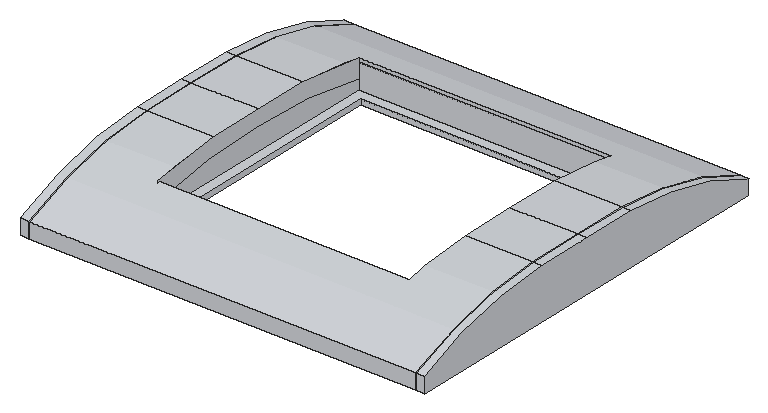
Revit family "Gira_1002808", category Electrical Fixtures, host Face, Revit 2017
Family settings
  Host = Face
  Maintain Annotation Orientation = No
  Round Connector Dimension = Use Diameter
  Part Type = Normal
  Cut with Voids When Loaded = No
  Shared = No
  Room Calculation Point = No
Parameters (values of type "Cov.fr. 2-g w/o cb interm.fr. AN Gira Event p.white")
  With mounting grid = "No"
  With hinged lid = "No"
  URL = "http://katalog.gira.de/en/datenblatt.html?artikelnr=1002808"
  Type of fastening = "Clamp mounting"
  Transparent = "No"
  Surface protection = "Other"
  Suitable for wall duct = "No"
  Suitable for flush-mounted installation = "Yes"
  Suitable for floor box = "No"
  Suitable for built-in installation = "No"
  Number of units vertical = "2"
  Number of units horizontal = "2"
  Number of units = "2"
  Name = "Cov.fr. 2-g w/o cb interm.fr. AN Gira Event p.white"
  Mounting direction = "Horizontal and vertical"
  Material quality = "Thermoplastic"
  Material = "Plastic"
  Manufacturer URL = "https://www.gira.de/"
  Manufacturer = "Gira"
  Label space/information surface = "No"
  Keynote = ""
  HeinzeBIM = "https://bimportal.heinze.de/bim/cov-fr-2-g-w-o-cb-interm-fr-an-gira-event-p-white/b2174286b82681bbc17c1cc9366c6cf56beb17f6"
  Halogen free = "Yes"
  HAN = "1002808"
  GTIN = "4010337070504"
  Description = "Cov.fr.2g w o cb i.fr.AN Event PW,Gira Event frames,pure white glossy with anthracite intermediate frame,2-gang without crossbar,Features:,- Shatter-proof."
  Degree of protection (IP) = "IP20"
  Default Elevation = 1219.2 mm
  Data sheet (1) = "https://katalog.gira.de/en/download.html?artikelnr=1002808"
  Colour = "White"
  Category = "Cover frame for domestic switching devices"
  BIM (1) = "https://media.stage.bim.site/public/gira/36a6b08/Event_Rahmen_2fach o.Mittelsteg.rfa?public/gira/36a6b08/Event_Rahmen_2fach o.Mittelsteg.rfa"
  Available = "No"
Reference planes
  plane 1 "Center (Front/Back)": y = 0
  plane 2: z = 0
  plane 3 "Center (Left/Right)": x = 0
Forms (mm)
  Extrusion 1, solid, detail levels fine
    sketch origin (0, 0, 1.55) x (0, 1, 0) y (0, 0, 1)
      loop
        arc (12.445, 9.683) -> (6.223, 9.833) -> (0, 9.85) r 291.636
        arc (0, 9.85) -> (-6.223, 9.833) -> (-12.445, 9.683) r 291.636
        arc (-12.445, 9.683) -> (-29.14, 7.482) -> (-45, 1.823) r 79.728
        line (-45, 1.823) -> (-45, -1.55) -> (-41.777, -1.55) -> (-41.777, -0.55)
        arc (-41.777, -0.55) -> (-21.205, 4.846) -> (0, 6.467) r 118.15
        arc (0, 6.467) -> (21.205, 4.846) -> (41.777, -0.55) r 118.15
        line (41.777, -0.55) -> (41.777, -1.55) -> (45, -1.55) -> (45, 1.823)
        arc (45, 1.823) -> (29.14, 7.482) -> (12.445, 9.683) r 79.728
    from -43 to 43
  Extrusion 2, void, detail levels fine
    sketch origin (0, 0, 0) x (1, 0, 0) y (0, 1, 0)
      loop
        line (-28, -28) -> (28, -28) -> (28, 28) -> (-28, 28) -> (-28, -28)
    from 2.85 to 12
  Extrusion 3, solid, detail levels coarse
    sketch origin (0, 0, 0) x (1, 0, 0) y (0, 1, 0)
      loop
        line (-45, 45) -> (-45, -45) -> (45, -45) -> (45, 45) -> (-45, 45)
    from 0 to 11.4
  Extrusion 4, solid, detail levels medium
    sketch origin (0, 0, 1.55) x (0, 1, 0) y (0, 0, 1)
      loop
        arc (12.445, 9.683) -> (6.223, 9.833) -> (0, 9.85) r 291.636
        arc (0, 9.85) -> (-6.223, 9.833) -> (-12.445, 9.683) r 291.636
        arc (-12.445, 9.683) -> (-29.14, 7.482) -> (-45, 1.823) r 79.728
        line (-45, 1.823) -> (-45, -1.55) -> (45, -1.55) -> (45, 1.823)
        arc (45, 1.823) -> (29.14, 7.482) -> (12.445, 9.683) r 79.728
    from -45 to 45
  Extrusion 5, solid, detail levels fine
    sketch origin (0, 0, 0) x (0, 1, 0) y (0, 0, 1)
      loop
        arc (45, 3.373) -> (29.14, 9.032) -> (12.445, 11.233) r 79.728
        arc (12.445, 11.233) -> (6.223, 11.383) -> (0, 11.4) r 291.636
        arc (0, 11.4) -> (-6.223, 11.383) -> (-12.445, 11.233) r 291.636
        arc (-12.445, 11.233) -> (-29.14, 9.032) -> (-45, 3.373) r 79.728
        line (-45, 3.373) -> (-45, 0) -> (45, 0) -> (45, 3.373)
    from 43 to 45
  Extrusion 6, solid, detail levels fine
    sketch origin (0, 0, 0) x (0, 1, 0) y (0, 0, -1)
      loop
        line (45, -3.373) -> (45, 0) -> (-45, 0) -> (-45, -3.373)
        arc (-45, -3.373) -> (-29.14, -9.032) -> (-12.445, -11.233) r 79.728
        arc (-12.445, -11.233) -> (-6.223, -11.383) -> (0, -11.4) r 291.636
        arc (0, -11.4) -> (6.223, -11.383) -> (12.445, -11.233) r 291.636
        arc (12.445, -11.233) -> (29.14, -9.032) -> (45, -3.373) r 79.728
    from 43 to 45
  Extrusion 7, solid, detail levels fine
    sketch origin (0, 0, 0) x (1, 0, 0) y (0, 1, 0)
      loop
        line (-25.7, 25.7) -> (-25.7, -25.7) -> (25.7, -25.7) -> (25.7, 25.7) -> (-25.7, 25.7)
      loop
        line (-29.495, 27.895) -> (-29.495, -27.895)
        spline (-29.495, -27.895) -> (-29.486, -28.025) -> (-29.461, -28.154) -> (-29.419, -28.278) -> (-29.361, -28.395) -> (-29.288, -28.504) -> (-29.202, -28.602) -> (-29.104, -28.688) -> (-28.995, -28.761) -> (-28.878, -28.819) -> (-28.754, -28.861) -> (-28.625, -28.886) -> (-28.495, -28.895)
        line (-28.495, -28.895) -> (28.495, -28.895)
        spline (28.495, -28.895) -> (28.625, -28.886) -> (28.754, -28.861) -> (28.878, -28.819) -> (28.995, -28.761) -> (29.104, -28.688) -> (29.202, -28.602) -> (29.288, -28.504) -> (29.361, -28.395) -> (29.419, -28.278) -> (29.461, -28.154) -> (29.486, -28.025) -> (29.495, -27.895)
        line (29.495, -27.895) -> (29.495, 27.895)
        spline (29.495, 27.895) -> (29.486, 28.025) -> (29.461, 28.154) -> (29.419, 28.278) -> (29.361, 28.395) -> (29.288, 28.504) -> (29.202, 28.602) -> (29.104, 28.688) -> (28.995, 28.761) -> (28.878, 28.819) -> (28.754, 28.861) -> (28.625, 28.886) -> (28.495, 28.895)
        line (28.495, 28.895) -> (-28.495, 28.895)
        spline (-28.495, 28.895) -> (-28.625, 28.886) -> (-28.754, 28.861) -> (-28.878, 28.819) -> (-28.995, 28.761) -> (-29.104, 28.688) -> (-29.202, 28.602) -> (-29.288, 28.504) -> (-29.361, 28.395) -> (-29.419, 28.278) -> (-29.461, 28.154) -> (-29.486, 28.025) -> (-29.495, 27.895)
    from 1.673 to 8.5
Cuts and joins
  Extrusion 2 cuts Extrusion 1
  Extrusion 2 cuts Extrusion 7
Dimensions and locks
  aligned and locked: plane 2 to host face
  aligned and locked: level to host face
